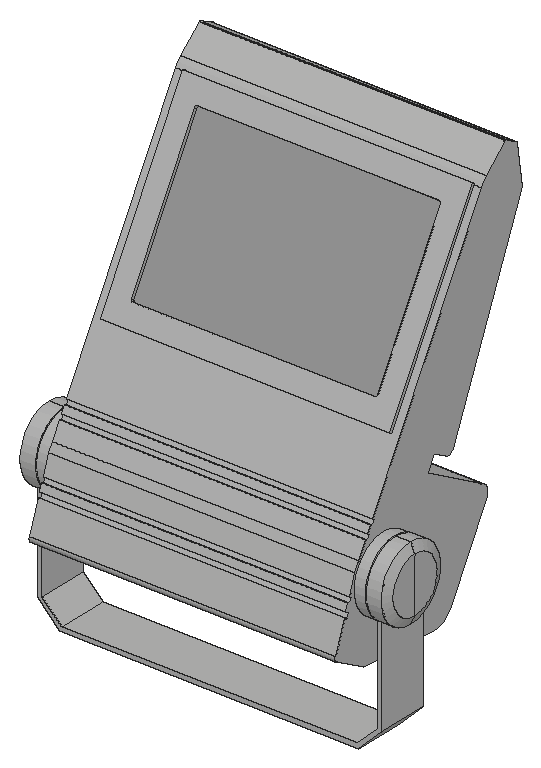
Revit family "0048015 Sylvania Lighting Fixture SYLVEO RGBW IP66", category Lighting Fixtures, host Face, Revit 2016
Family settings
  Host = Face
  Part Type = Normal
  Round Connector Dimension = Use Diameter
  OmniClass Number = 23.80.70.00
  OmniClass Title = Lighting
  Cut with Voids When Loaded = No
  Light Source = No
  Shared = No
  Room Calculation Point = No
Parameters (values of type "0048015 SYLVEO RGBW IP66 30W ASYM SIL")
  WidthCylinder_SYL = if([30/50W_SYL], 13.4 mm, if([100W_SYL], 13.4 mm, 15 mm))  # 13.4 mm
  WidthBracketIn_SYL = if([30/50W_SYL], 224 mm, if([100W_SYL], 273 mm, 490 mm))  # 224 mm
  Weight = "16.0 kg"
  Wattage Comments = ""
  WarrantyStartDate [instance] = "n/a"
  WarrantyGuarantorParts = "n/a"
  WarrantyDurationUnit = "n/a"
  WarrantyDurationParts = "n/a"
  WarrantyDescription = "n/a"
  Voltage = 0 V
  URL = "http://www.sylvania-lighting.com"
  TypeName = "Sylveo RGBW IP66 30W ASYM SIL"
  Type Image = <None>
  Type Comments = "n/a"
  ThicknessBracket_SYL = if([30/50W_SYL], 2.7 mm, if([100W_SYL], 3.2 mm, 3.8 mm))  # 2.7 mm
  SerialNumber [instance] = "n/a"
  RotationAngle_SYL [instance] = 30.00°
  DiameterCylinder_SYL = if([30/50W_SYL], 49 mm, if([100W_SYL], 52 mm, 62.7 mm))  # 49 mm
  ChamferBracket_SYL = if([30/50W_SYL], 15 mm, if([100W_SYL], 18 mm, 22 mm))  # 15 mm
  PowerFactor = 0
  PowerConsumption = "n/a"
  NominalLength = 0 mm
  NominalHeight = 0 mm
  NominalDepth = 0 mm
  Name = "Sylveo RGBW IP66 30W ASYM SIL"
  ModelReference = Name  # "Sylveo RGBW IP66 30W ASYM SIL"
  ModelNumber = "0048015"
  Model = Name  # "Sylveo RGBW IP66 30W ASYM SIL"
  Material = "n/a"
  ManufacturerName = "Feilo Sylvania"
  Manufacturer = "Feilo Sylvania"
  LuminousEfficacy = "47.136 lm/W"
  LuminaireType = ""
  LightOutputRatio = "n/a"
  LampsType = Lamp  # "LED"
  LampNominalLuminous = "n/a"
  LampMacAdamStep = "n/a"
  LampColourTemperature = "n/a"
  LampColourRenderingIndex = "n/a"
  Lamp = "LED"
  Keynote = "16500"
  InstallationDate [instance] = "n/a"
  InputVoltage = "100-240V~"
  InputNominalFrequency = "50/60 Hz"
  IngressProtection = "IP66"
  ImpactProtectionIndex = "IK08"
  IfcExportType = "IfcLightFixtureType"
  IfcExportAs = "IfcLightFixtureType"
  AxisHeightBracket_SYL = if([30/50W_SYL], 98.6 mm, if([100W_SYL], 90 mm, 110 mm))  # 98.6 mm
  ExpectedLife = 50000
  EndAngle_SYL [instance] = RotationAngle_SYL + 180.00°  # 210.00°
  ElectricShockClassification = "Class I"
  DurationUnit = "hours"
  DocumentationLiterature = "http://www.sylvania-lighting.com/product/en-int/products/0048015"
  DimmingControlOptions = "n/a"
  Description = ""
  DepthBracket_SYL = if([30/50W_SYL], 34 mm, if([100W_SYL], 37.1 mm, 48 mm))  # 34 mm
  Default Elevation = 1219.2 mm
  CreatedOn = "12/21/2018"
  CreatedBy = "@sylvania-lighting.com"
  Cost = 0
  built-in parameter 1114216 [instance] = (empty or 0)
  ClassificationValue = "EF_70_80"
  ClassificationName = "Uniclass2015"
  Material_1_SYL = Body-Sylvania-Sylveo-RAL9006
  BarCode [instance] = "n/a"
  AssetType = "Fixed"
  AssetIdentifier [instance] = "n/a"
  Assembly Code = "D5020200"
  Apparent Load = 30.5 VA
  100W_SYL = no
  30/50W_SYL = yes
Reference planes
  plane 1 "Center (Front/Back)": y = 0
  plane 2: z = 0
  plane 3 "Center (Left/Right)": x = 0
  plane 4: x = -114.7
  plane 5: x = 114.7
  plane 6: z = 98.6
  plane 7: x = -112
  plane 8: x = 112
  plane 9: z = 2.7
  plane 10: y = 17
  plane 11: y = -17
  plane 12: x = -99.7
  plane 13: z = 15
  plane 14: x = 99.7
  plane 15: x = -110
  plane 16: x = 110
  plane 17: x = -123.4
  plane 18: x = 123.4
  plane 19: z = 123.1
  plane 20: z = 74.1
  plane 21: x = -120.4
  plane 22: z = 80.1
  plane 23: z = 117.1
  plane 24: x = 120.4
Forms (mm)
  Revolve 1, solid, not visible
    sketch origin (0, 0, 0) x (1, 0, 0) y (0, 0, 1)
      loop
        line (0, 98.6) -> (0, 115.6) -> (-12.336, 115.6) -> (-12.336, 98.6) -> (0, 98.6)
      axis (0, 98.6) -> (-12.336, 98.6)
    angle from 30 <- "RotationAngle_SYL" to 210 <- "EndAngle_SYL"
  Extrusion 2, solid, material "Body-Sylvania-Sylveo-RAL9006" <- "Material_1_SYL"
    sketch origin (0, 0, 0) x (1, 0, 0) y (0, 0, 1)
      loop
        line (-114.7, 98.6) -> (-114.7, 15) -> (-99.7, 0) -> (99.7, 0) -> (114.7, 15) -> (114.7, 98.6) -> (112, 98.6) -> (112, 16.118) -> (98.582, 2.7) -> (-98.582, 2.7) -> (-112, 16.118) -> (-112, 98.6) -> (-114.7, 98.6)
    from -17 to 17
  Revolve 3, solid, material "Body-Sylvania-Sylveo-RAL9006" <- "Material_1_SYL"
    sketch origin (0, 0, 0) x (1, 0, 0) y (0, 0, 1)
      loop
        line (-123.4, 98.6) -> (-110, 98.6) -> (-110, 123.1) -> (-120.4, 123.1) -> (-123.4, 117.1) -> (-123.4, 98.6)
      loop
        line (123.4, 98.6) -> (123.4, 117.1) -> (120.4, 123.1) -> (110, 123.1) -> (110, 98.6) -> (123.4, 98.6)
      axis (123.4, 98.6) -> (-123.4, 98.6)
    angle from 360 to 0
Lines and regions (mm)
  reference lines
    curve 1: line (-99.7, 0, 0) -> (-114.7, 0, 15)
    curve 2: line (-112, 0, 16.118) -> (-98.582, 0, 2.7)
    curve 3: line (114.7, 0, 15) -> (99.7, 0, 0)
    curve 4: line (98.582, 0, 2.7) -> (112, 0, 16.118)
Dimensions and locks
  equal spacing: plane 8, plane 3 "Center (Left/Right)", plane 7
  "WidthBracketIn_SYL": plane 8 to plane 7
  "ThicknessBracket_SYL": plane 7 to plane 4
  "ThicknessBracket_SYL": plane 5 to plane 8
  "ThicknessBracket_SYL": plane 9 to plane 2
  equal spacing: plane 11, plane 1 "Center (Front/Back)", plane 10
  "DepthBracket_SYL": plane 11 to plane 10
  "AxisHeightBracket_SYL": plane 6 to plane 2
  "ChamferBracket_SYL": plane 13 to plane 2
  equal spacing: plane 14, plane 3 "Center (Left/Right)", plane 12
  "ChamferBracket_SYL": plane 12 to plane 4
  "ThicknessBracket_SYL": curve 2 to curve 1
  "ThicknessBracket_SYL": curve 4 to curve 3
  equal spacing: plane 16, plane 3 "Center (Left/Right)", plane 15
  locked: plane 15 to plane 7 at 2
  equal spacing: plane 18, plane 3 "Center (Left/Right)", plane 17
  "WidthCylinder_SYL": plane 15 to plane 17
  equal spacing: plane 19, plane 6, plane 20
  "DiameterCylinder_SYL": plane 19 to plane 20
  equal spacing: plane 23, plane 6, plane 22
  locked: plane 22 to plane 20 at 6
  equal spacing: plane 24, plane 3 "Center (Left/Right)", plane 21
  locked: plane 21 to plane 17 at 3
  aligned and locked: plane 2 to host face
  aligned and locked: level to host face
  aligned and locked: Revolve 1 sketch curve to plane 6  (x2)
  aligned and locked: Revolve 1 sketch curve to plane 3 "Center (Left/Right)"
  aligned and locked: plane 13 to curve 1
  aligned and locked: plane 4 to curve 1
  aligned and locked: plane 2 to curve 1
  aligned and locked: plane 7 to curve 2
  aligned and locked: plane 9 to curve 2
  aligned and locked: plane 5 to curve 3
  aligned and locked: plane 13 to curve 3
  aligned and locked: plane 14 to curve 3
  aligned and locked: plane 2 to curve 3
  aligned and locked: plane 8 to curve 4
  aligned and locked: plane 9 to curve 4
  aligned and locked: plane 4 to Extrusion 2 sketch curve
  aligned and locked: Extrusion 2 sketch curve to plane 7
  aligned and locked: plane 6 to Extrusion 2 sketch curve  (x2)
  aligned and locked: plane 13 to Extrusion 2 sketch curve
  aligned and locked: plane 9 to Extrusion 2 sketch curve
  aligned and locked: plane 2 to Extrusion 2 sketch curve
  aligned and locked: plane 12 to Extrusion 2 sketch curve
  aligned and locked: Extrusion 2 sketch curve to curve 1
  aligned and locked: Extrusion 2 sketch curve to curve 3
  aligned and locked: plane 5 to Extrusion 2 sketch curve
  aligned and locked: plane 14 to Extrusion 2 sketch curve
  aligned and locked: Extrusion 2 sketch curve to plane 5
  aligned and locked: plane 8 to Extrusion 2 sketch curve
  aligned and locked: Extrusion 2 to plane 10
  aligned and locked: plane 11 to Extrusion 2
  aligned and locked: Revolve 3 sketch curve to plane 6  (x2)
  aligned and locked: plane 17 to Revolve 3 sketch curve  (x2)
  aligned and locked: plane 19 to Revolve 3 sketch curve  (x2)
  aligned and locked: Revolve 3 sketch curve to plane 15
  aligned and locked: plane 23 to Revolve 3 sketch curve  (x2)
  aligned and locked: plane 21 to Revolve 3 sketch curve
  aligned and locked: Revolve 3 sketch curve to plane 16
  aligned and locked: plane 18 to Revolve 3 sketch curve
  aligned and locked: plane 24 to Revolve 3 sketch curve
  aligned and locked: plane 6 to Revolve 3 sketch curve  (x2)
  aligned and locked: plane 3 "Center (Left/Right)" to nested 1
Automatic sketch dimensions
  host sketch curve to host sketch curve = 2438.4 mm  (x2)
  Revolve 1 sketch curve to plane 3 "Center (Left/Right)" = 12.336 mm
  Revolve 1 sketch curve to plane 4 = 1122.5 mm
  plane 5 to Revolve 1 sketch curve = 1130.9 mm
  Revolve 1 sketch curve to Revolve 1 sketch curve = 17 mm
  curve 1 to plane 12 = 0 mm
  plane 12 to Extrusion 2 sketch curve = 1.118 mm
  Extrusion 2 sketch curve to plane 14 = 1.118 mm
  Extrusion 2 sketch curve to plane 13 = 1.118 mm  (x2)
  Revolve 3 sketch curve to Revolve 3 sketch curve = 957 mm
  plane 18 to Revolve 3 sketch curve = 965.4 mm
Nested families
  nested 1: "0048015 Head" at (0, 0, 98.6) x (1, 0, 0) z (0, -0.866, 0.5), type "Type Name"
    with built-in parameter 1114216 (empty or 0)
Connectors
  electrical at (0, 0, 0), driven by "Apparent Load", driven by "PowerFactor", driven by "Voltage"
    settings: index 1, voltage 0 V, apparent load 30.5 VA, apparent load phase1 0 VA, apparent load phase2 0 VA, apparent load phase3 0 VA, power factor 0, load classification "Lighting", number of poles 1, system type 30, power factor state 1, is connector primary yes, connector utility no, sub classification motor no, connector description ""
Definition of nested family "0048015 Head"
  Parameters (values of type "Type Name")
    Wattage Comments = "n/a"
    Wattage = 30.5 W
    built-in parameter 1150110 = 1 (stored number, unit not read)
    URL = "http://www.sylvania-lighting.com"
    Type Image = (empty or 0)
    Type Comments = "n/a"
    built-in parameter 1114217 = 1 (stored number, unit not read)
    Tilt Angle = -90.00°
    built-in parameter 1150109 = 1 (stored number, unit not read)
    built-in parameter 1150134 = 12
    built-in parameter 1150113 = 1 (stored number, unit not read)
    Photometric Web File = "0048015.ies"
    Material_3_SYL = none
    Model = ""
    Manufacturer = "Feilo Sylvania"
    built-in parameter 1150105 = 963.45 (stored number, unit not read)
    Lumens = 1437.77 lm
    built-in parameter 1150115 = 1 (stored number, unit not read)
    built-in parameter 1150137 = (empty or 0)
    built-in parameter 1150139 = (empty or 0)
    built-in parameter 1150112 = 1 (stored number, unit not read)
    built-in parameter 1150114 = 1 (stored number, unit not read)
    Lamp = "LED"
    Keynote = "16500"
    Material_2_SYL = none
    built-in parameter 1150132 = (empty or 0)
    built-in parameter 1150102 = (empty or 0)
    built-in parameter 1150107 = 4000 (stored number, unit not read)
    built-in parameter 1150138 = (empty or 0)
    built-in parameter 1150106 = 9.6345 (stored number, unit not read)
    Emit from Rectangle Width = 164 mm
    Emit from Rectangle Length = 108.3 mm
    Emit Shape Visible in Rendering = no
    built-in parameter 1150104 = 4.3794 (stored number, unit not read)
    Dimming Lamp Color Temperature Shift = (empty or 0)
    Description = ""
    Default Elevation = 1219.2 mm
    Cost = 0
    Color Filter = 16777215
    built-in parameter 1114216 [instance] = (empty or 0)
    Material_1_SYL = none
    built-in parameter 1114218 = 1 (stored number, unit not read)
    built-in parameter 1150133 = 10 (stored number, unit not read)
    Assembly Code = "D5020200"
    Apparent Load = 30.5 VA
    Material_4_SYL = none
  Reference planes
    plane 1 "Center (Front/Back)": y = 0
    plane 2: z = 0
    plane 3 "Center (Left/Right)": x = 0
    plane 4: z = 25.6
    plane 5: y = -51.1
    plane 6: y = 235.9
    plane 7: y = -24.3
    plane 8: y = -11.4
    plane 9: y = 55.8
    plane 10: y = 66.5
    plane 11: z = -71.6
    plane 12: z = -65.1
    plane 13: z = -26.7
    plane 14: z = -10.9
    plane 15: y = 212.3
    plane 16: z = 17.4
    plane 17: z = 7.4
    plane 18: x = 102
    plane 19: x = -102
    plane 20: y = 15.2
    plane 21: y = 23.5
    plane 22: y = -16
    plane 23: x = -96.5
    plane 24: x = 96.5
    plane 25: y = 72
    plane 26: x = -82
    plane 27: x = 82
    plane 28: y = 86.5
    plane 29: z = 26.9
    plane 30: y = 209.3
    plane 31: y = 194.8
    plane 32: z = 24.1
    plane 33: x = -110
    plane 34: x = 110
    plane 35: y = 140.65
  Forms (mm)
    Extrusion 1, solid
      sketch origin (4.2, 0, 0) x (1, 0, 0) y (0, 1, 0)
        loop
          line (-1219.2, 1219.2) -> (-1219.2, -1219.2) -> (1219.2, -1219.2) -> (1219.2, 1219.2) -> (-1219.2, 1219.2)
      from 0 to -68.017
    Extrusion 2, solid, material <- "Material_1_SYL"
      sketch origin (0, 0, 0) x (0, 1, 0) y (0, 0, 1)
        loop
          line (208.924, 25.6) -> (3.189, 25.6)
          arc (3.189, 25.6) -> (0.01, 25.473) -> (-3.149, 25.095) r 40
          line (-3.149, 25.095) -> (-48.575, 17.805)
          arc (-48.575, 17.805) -> (-50.383, 16.789) -> (-51.1, 14.843) r 3
          line (-51.1, 14.843) -> (-51.1, -10.9) -> (-25.149, -63.383)
          arc (-25.149, -63.383) -> (-19.485, -69.517) -> (-11.4, -71.6) r 14.774
          line (-11.4, -71.6) -> (47.8, -71.6)
          arc (47.8, -71.6) -> (53.457, -69.257) -> (55.8, -63.6) r 8
          line (55.8, -63.6) -> (55.8, -10.9) -> (66.5, -10.9) -> (66.5, -22.243)
          arc (66.5, -22.243) -> (67.828, -25.22) -> (70.931, -26.22) r 4
          line (70.931, -26.22) -> (210.893, -11.052)
          arc (210.893, -11.052) -> (212.226, -10.718) -> (213.418, -10.033) r 5
          line (213.418, -10.033) -> (235.513, 7.1)
          arc (235.513, 7.1) -> (235.798, 7.45) -> (235.9, 7.89) r 1
          line (235.9, 7.89) -> (235.9, 16.689)
          arc (235.9, 16.689) -> (235.715, 17.268) -> (235.228, 17.633) r 1
          line (235.228, 17.633) -> (215.489, 24.492)
          arc (215.489, 24.492) -> (212.253, 25.321) -> (208.924, 25.6) r 20
      from -102 to 102
    Extrusion 3, void
      sketch origin (0, 0, 0) x (0, 1, 0) y (0, 0, 1)
        loop
          line (26.7, 23.4) -> (26.7, 25.6) -> (23.5, 25.6) -> (23.5, 23.4) -> (26.7, 23.4)
        loop
          line (18.4, 25.6) -> (15.2, 25.6) -> (15.2, 23.4) -> (18.4, 23.4) -> (18.4, 25.6)
        loop
          line (-16, 20.6) -> (-16, 25.6) -> (-19.2, 25.6) -> (-19.2, 20.6) -> (-16, 20.6)
        loop
          line (-27.5, 25.6) -> (-27.5, 18.9) -> (-24.3, 18.9) -> (-24.3, 25.6) -> (-27.5, 25.6)
      from -102 to 102
    Extrusion 4, solid, material <- "Material_1_SYL"
      sketch origin (0, 1219.2, 25.6) x (1, 0, 0) y (0, -1, 0)
        loop
          line (-96.5, 1009.9) -> (96.5, 1009.9) -> (96.5, 1147.2) -> (-96.5, 1147.2) -> (-96.5, 1009.9)
      from 0 to -1.3
    Extrusion 5, void
      sketch origin (0, 1219.2, 26.9) x (0, -1, 0) y (1, 0, 0)
        loop
          arc (1024.4, -80.4) -> (1024.869, -81.531) -> (1026, -82) r 1.6
          line (1026, -82) -> (1131.1, -82)
          arc (1131.1, -82) -> (1132.231, -81.531) -> (1132.7, -80.4) r 1.6
          line (1132.7, -80.4) -> (1132.7, 80.4)
          arc (1132.7, 80.4) -> (1132.231, 81.531) -> (1131.1, 82) r 1.6
          line (1131.1, 82) -> (1026, 82)
          arc (1026, 82) -> (1024.869, 81.531) -> (1024.4, 80.4) r 1.6
          line (1024.4, 80.4) -> (1024.4, -80.4)
      from 0 to -9.5
    Extrusion 6, solid, material <- "Material_2_SYL"
      sketch origin (0, 1219.2, 25.6) x (1, 0, 0) y (0, -1, 0)
        loop
          line (-82, 1131.1) -> (-82, 1026)
          arc (-82, 1026) -> (-81.531, 1024.869) -> (-80.4, 1024.4) r 1.6
          line (-80.4, 1024.4) -> (80.4, 1024.4)
          arc (80.4, 1024.4) -> (81.531, 1024.869) -> (82, 1026) r 1.6
          line (82, 1026) -> (82, 1131.1)
          arc (82, 1131.1) -> (81.531, 1132.231) -> (80.4, 1132.7) r 1.6
          line (80.4, 1132.7) -> (-80.4, 1132.7)
          arc (-80.4, 1132.7) -> (-81.531, 1132.231) -> (-82, 1131.1) r 1.6
      from 0 to 1.5
    Extrusion 7, solid, material <- "Material_1_SYL"
      sketch origin (0, 0, 0) x (0, 1, 0) y (0, 0, 1)
        loop
          circle (0, 0) r 24.5
      from -110 to 110
  Cuts and joins
    Extrusion 3, Extrusion 5 cuts Extrusion 2
    joined: Extrusion 2, Extrusion 7
    Extrusion 5 cuts Extrusion 4
  Lines and regions (mm)
    reference lines
      curve 1: line (0, 23.5, 25.6) -> (0, 26.7, 25.6)
      curve 2: line (0, 23.5, 23.4) -> (0, 23.5, 25.6)
      curve 3: line (0, 26.7, 23.4) -> (0, 23.5, 23.4)
      curve 4: line (0, 26.7, 25.6) -> (0, 26.7, 23.4)
      curve 5: line (0, 15.2, 25.6) -> (0, 18.4, 25.6)
      curve 6: line (0, 15.2, 23.4) -> (0, 15.2, 25.6)
      curve 7: line (0, 18.4, 23.4) -> (0, 15.2, 23.4)
      curve 8: line (0, 18.4, 25.6) -> (0, 18.4, 23.4)
      curve 9: line (0, -19.2, 25.6) -> (0, -16, 25.6)
      curve 10: line (0, -19.2, 20.6) -> (0, -19.2, 25.6)
      curve 11: line (0, -16, 20.6) -> (0, -19.2, 20.6)
      curve 12: line (0, -16, 25.6) -> (0, -16, 20.6)
      curve 13: line (0, -27.5, 25.6) -> (0, -24.3, 25.6)
      curve 14: line (0, -27.5, 18.9) -> (0, -27.5, 25.6)
      curve 15: line (0, -24.3, 18.9) -> (0, -27.5, 18.9)
      curve 16: line (0, -24.3, 25.6) -> (0, -24.3, 18.9)
      curve 17: circle (0, 0, 0) r 24.5 normal (1, 0, 0)
  Dimensions and locks
    equal spacing: plane 19, plane 3 "Center (Left/Right)", plane 18
    plane 19 to plane 18 = 204 mm
    locked: curve 1 to curve 3 at 2.2
    locked: curve 4 to curve 2 at 3.2
    locked: curve 5 to curve 7 at 2.2
    locked: curve 8 to curve 6 at 3.2
    locked: curve 12 to curve 10 at 3.2
    locked: curve 16 to curve 14 at 3.2
    locked: curve 11 to curve 9 at 5
    locked: curve 15 to curve 13 at 6.7
    equal spacing: plane 23, plane 3 "Center (Left/Right)", plane 24
    locked: plane 23 to plane 24 at 193
    locked: plane 25 to plane 30 at 137.3
    locked: plane 25 to plane 28 at 14.5
    locked: plane 31 to plane 30 at 14.5
    equal spacing: plane 26, plane 3 "Center (Left/Right)", plane 27
    locked: plane 23 to plane 26 at 14.5
    equal spacing: plane 33, plane 3 "Center (Left/Right)", plane 34
    locked: plane 33 to plane 19 at 8
    equal spacing: plane 28, plane 35, plane 31
    radius of Extrusion 2 sketch curve = 20 mm
    radius of Extrusion 2 sketch curve = 14.774 mm
    radius of Extrusion 2 sketch curve = 8 mm
    radius of Extrusion 2 sketch curve = 4 mm
    radius of Extrusion 2 sketch curve = 5 mm
    radius of Extrusion 2 sketch curve = 3 mm
    radius of Extrusion 5 sketch curve = 1.6 mm  (x4)
    radius of curve 17 = 24.5 mm
    aligned and locked: plane 2 to Extrusion 1
    aligned and locked: level to Extrusion 1
    aligned and locked: plane 18 to Extrusion 2
    aligned and locked: Extrusion 2 to plane 19
    aligned and locked: plane 4 to curve 5
    aligned and locked: plane 20 to curve 6
    aligned and locked: plane 21 to curve 2
    aligned and locked: plane 4 to curve 1
    aligned and locked: plane 4 to curve 9
    aligned and locked: plane 22 to curve 12
    aligned and locked: plane 7 to curve 16
    aligned and locked: Extrusion 3 sketch curve to curve 3
    aligned and locked: Extrusion 3 sketch curve to curve 2
    aligned and locked: Extrusion 3 sketch curve to curve 1
    aligned and locked: Extrusion 3 sketch curve to curve 4
    aligned and locked: Extrusion 3 sketch curve to curve 8
    aligned and locked: Extrusion 3 sketch curve to curve 7
    aligned and locked: Extrusion 3 sketch curve to curve 6
    aligned and locked: Extrusion 3 sketch curve to curve 5
    aligned and locked: Extrusion 3 sketch curve to curve 11
    aligned and locked: Extrusion 3 sketch curve to curve 10
    aligned and locked: Extrusion 3 sketch curve to curve 9
    aligned and locked: Extrusion 3 sketch curve to curve 12
    aligned and locked: Extrusion 3 sketch curve to curve 13
    aligned and locked: Extrusion 3 sketch curve to curve 16
    aligned and locked: Extrusion 3 sketch curve to curve 15
    aligned and locked: Extrusion 3 sketch curve to curve 14
    aligned and locked: Extrusion 2 to Extrusion 3  (x2)
    aligned and locked: Extrusion 4 sketch curve to plane 30
    aligned and locked: Extrusion 4 sketch curve to plane 23
    aligned and locked: plane 24 to Extrusion 4 sketch curve  (x2)
    aligned and locked: Extrusion 4 to plane 29
    aligned and locked: plane 4 to Extrusion 4
    aligned and locked: plane 31 to Extrusion 5 sketch curve
    aligned and locked: plane 26 to Extrusion 5 sketch curve
    aligned and locked: Extrusion 5 sketch curve to plane 28
    aligned and locked: Extrusion 5 sketch curve to plane 27
    aligned and locked: plane 16 to Extrusion 5
    aligned and locked: plane 25 to Extrusion 4 sketch curve  (x2)
    aligned and locked: Extrusion 6 sketch curve to cut or joined group of Extrusion 4, Extrusion 5  (x4)
    aligned and locked: plane 32 to Extrusion 6
    aligned and locked: Extrusion 6 to plane 4
    aligned and locked: plane 1 "Center (Front/Back)" to curve 17
    aligned and locked: plane 2 to curve 17
    aligned and locked: Extrusion 7 sketch curve to curve 17
    aligned and locked: plane 34 to Extrusion 7
    aligned and locked: Extrusion 7 to plane 33
    aligned and locked: imposter light to plane 4
    aligned and locked: imposter light to plane 3 "Center (Left/Right)"
    aligned and locked: imposter light to plane 35
  Automatic sketch dimensions
    Extrusion 1 sketch curve to Extrusion 1 sketch curve = 2438.4 mm  (x2)
    plane 4 to curve 13 = 0 mm
    Extrusion 2 sketch curve to plane 5 = 0 mm
    Extrusion 2 sketch curve to plane 8 = 0 mm
    plane 4 to Extrusion 2 sketch curve = 0 mm
    plane 11 to Extrusion 2 sketch curve = 0 mm
    Extrusion 2 sketch curve to plane 9 = 0 mm
    Extrusion 2 sketch curve to plane 10 = 0 mm
    Extrusion 2 sketch curve to plane 6 = 0 mm
    plane 14 to Extrusion 2 sketch curve = 0 mm  (x2)
    Extrusion 2 sketch curve to plane 16 = 0.405 mm
    Extrusion 2 sketch curve to plane 5 = 2.525 mm
    plane 7 to Extrusion 2 sketch curve = 0.849 mm
    plane 8 to Extrusion 2 sketch curve = 0.506 mm
    plane 4 to Extrusion 2 sketch curve = 0.505 mm
    plane 1 "Center (Front/Back)" to Extrusion 2 sketch curve = 3.149 mm
    Extrusion 2 sketch curve to plane 1 "Center (Front/Back)" = 3.189 mm
    Extrusion 2 sketch curve to plane 13 = 0.48 mm
    plane 25 to Extrusion 2 sketch curve = 1.069 mm
    plane 30 to Extrusion 2 sketch curve = 0.376 mm
    Extrusion 2 sketch curve to plane 30 = 1.054 mm
    plane 14 to Extrusion 2 sketch curve = 0.152 mm
    plane 15 to Extrusion 2 sketch curve = 1.407 mm
    Extrusion 2 sketch curve to plane 14 = 0.867 mm
    Extrusion 2 sketch curve to plane 32 = 0.392 mm
    Extrusion 2 sketch curve to plane 17 = 0.49 mm
    Extrusion 2 sketch curve to Extrusion 2 sketch curve = 1 mm
    plane 6 to Extrusion 2 sketch curve = 1 mm
    Extrusion 2 sketch curve to plane 16 = 0.233 mm
    plane 6 to Extrusion 2 sketch curve = 0.672 mm
    plane 17 to Extrusion 2 sketch curve = 0.3 mm
    plane 31 to Extrusion 5 sketch curve = 0 mm
